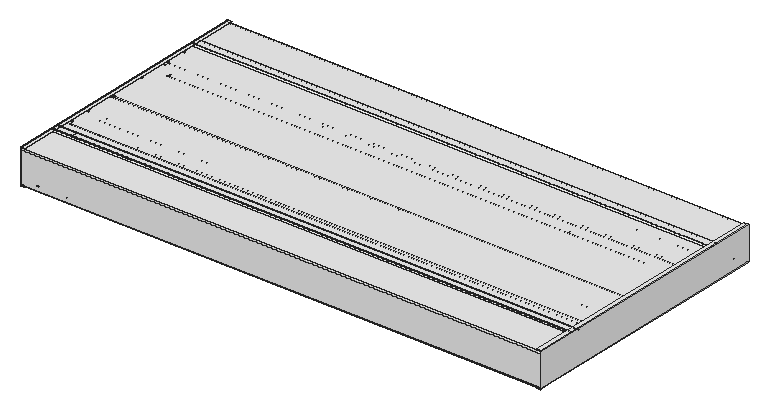
Revit family "LSTJ", category Lighting Fixtures, host Ceiling, Revit 2019
Family settings
  Host = Ceiling
  Round Connector Dimension = Use Diameter
  Part Type = Normal
  OmniClass Number = 23.80.70.11.14.17
  OmniClass Title = Direct/Indirect
  Always vertical = Yes
  Cut with Voids When Loaded = No
  Light Source = Yes
  Shared = No
  Room Calculation Point = No
Parameters (values of type "LSTJ2x4-LED840K040LUNV")
  Width = 1' - 11 3/4"
  Wattage = 35 W
  built-in parameter 1150110 = 1 (stored number, unit not read)
  Voltage = 120 V  # constant formula
  URL = "https://www.viscor.com/en/products/lstj"
  built-in parameter 1114217 = 0.9 (stored number, unit not read)
  Tilt Angle = 90.00°
  built-in parameter 1150109 = 1 (stored number, unit not read)
  built-in parameter 1150134 = 12
  built-in parameter 1150113 = 1 (stored number, unit not read)
  Photometric Web File = "LSTJ2x4-LED840K040LUNV.IES"
  Model = "LSTJ"  # constant formula
  Manufacturer = "VISIONEERING by VISCOR"  # constant formula
  Lumens = 4095 lm
  built-in parameter 1150115 = 1 (stored number, unit not read)
  built-in parameter 1150105 = 325.87 (stored number, unit not read)
  built-in parameter 1150137 = (empty or 0)
  built-in parameter 1150139 = (empty or 0)
  Lens Finish = Acrylic - Viscor - Smooth Extruded Linear Prismatic
  Length = 3' - 11 3/4"
  Lamp Wattage = 35 VA
  built-in parameter 1150112 = 1 (stored number, unit not read)
  built-in parameter 1150114 = 1 (stored number, unit not read)
  Lamp = "LED"  # constant formula
  built-in parameter 1150132 = (empty or 0)
  built-in parameter 1150102 = (empty or 0)
  built-in parameter 1150138 = (empty or 0)
  built-in parameter 1150107 = 4000 (stored number, unit not read)
  built-in parameter 1150106 = 3.2587 (stored number, unit not read)
  Housing Finish = Metal - Viscor - White
  Height = 0' - 3 1/8"
  Emit from Rectangle Width = Width  # 1' - 11 3/4"
  Emit from Rectangle Length = Length  # 3' - 11 3/4"
  Emit Shape Visible in Rendering = no
  built-in parameter 1150104 = 10.87 (stored number, unit not read)
  Dimming Lamp Color Temperature Shift = <None>
  Description = "LED Surfaced Type J"  # constant formula
  Color Filter = 16777215
  built-in parameter 1114218 = 1 (stored number, unit not read)
  built-in parameter 1150133 = 10 (stored number, unit not read)
  Assembly Code = "D5020200"
  Apparent Load = Lamp Wattage  # 35 VA
Types (5): name | Wattage | Photometric Web File | Lumens | built-in parameter 1150105 | Length | Lamp Wattage | built-in parameter 1150106 | Emit from Rectangle Length | built-in parameter 1150104 | Apparent Load
  (no name) | 35 W | "LSTJ2x4-LED840K040LUNV.IES" | 4095 lm | 325.87 (stored number, unit not read) | 3' - 11 3/4" | 35 VA | 3.2587 (stored number, unit not read) | 3' - 11 3/4" | 10.87 (stored number, unit not read) | 35 VA
  LSTJ2X2-LED840K020LUNV | 19 W | "LSTJ2x2-LED840K020LUNV.IES" | 2128 lm | 169.34 (stored number, unit not read) | 1' - 11 3/4" | 19 VA | 1.6934 (stored number, unit not read) | 1' - 11 3/4" | 10.405 (stored number, unit not read) | 19 VA
  LSTJ2x4-LED840K040LUNV | 35 W | "LSTJ2x4-LED840K040LUNV.IES" | 4095 lm | 325.87 (stored number, unit not read) | 3' - 11 3/4" | 35 VA | 3.2587 (stored number, unit not read) | 3' - 11 3/4" | 10.87 (stored number, unit not read) | 35 VA
  LSTJ2x2-LED840K033LUNV | 27 W | "LSTJ2x2-LED840K033LUNV.IES" | 3294 lm | 262.13 (stored number, unit not read) | 1' - 11 3/4" | 27 VA | 2.6213 (stored number, unit not read) | 1' - 11 3/4" | 11.334 (stored number, unit not read) | 27 VA
  LSTJ2x4-LED840K065LUNV | 50 W | "LSTJ2x4-LED840K065LUNV.IES" | 6450 lm | 513.27 (stored number, unit not read) | 3' - 11 3/4" | 50 VA | 5.1327 (stored number, unit not read) | 3' - 11 3/4" | 11.984 (stored number, unit not read) | 50 VA
Reference planes (in)
  plane 1 "Light Source Axis (F/B)": y = 0
  plane 2 "Ceiling": z = 96
  plane 3 "Light Source Axis (L/R)": x = 0
  plane 4 "Light Source Elevation": z = 92.75
  plane 5: y = 11.875
  plane 6: y = -11.875
  plane 7: x = -23.875
  plane 8: x = 23.875
  plane 9: y = 11.438
  plane 10: y = -11.438
  plane 11: x = -23.84375
  plane 12: x = 23.84375
  plane 13: x = -23.438
  plane 14: x = 23.43775
  plane 15 "DoorFrameBottom": z = 92.875
  plane 16: x = -23.59375
  plane 17: x = 23.59375
  plane 18: x = -22.88722
  plane 19: x = 22.88722
Forms (in)
  Extrusion 1, solid, material "Metal - Viscor - White" <- "Housing Finish"
    sketch origin (0, 0, 0) x (0, 1, 0) y (0, 0, 1)
      loop
        arc (11.806, 92.875) -> (11.85479, 92.89521) -> (11.875, 92.944) r 0.069
        line (11.875, 92.944) -> (11.875, 95.806)
        arc (11.875, 95.806) -> (11.85479, 95.85479) -> (11.806, 95.875) r 0.069
        line (11.806, 95.875) -> (8.44993, 95.875) -> (8.34426, 95.98067)
        arc (8.34426, 95.98067) -> (8.32285, 95.99498) -> (8.29759, 96) r 0.066
        line (8.29759, 96) -> (7.70241, 96)
        arc (7.70241, 96) -> (7.67715, 95.99498) -> (7.65574, 95.98067) r 0.066
        line (7.65574, 95.98067) -> (7.55007, 95.875) -> (-7.55007, 95.875) -> (-7.65574, 95.98067)
        arc (-7.65574, 95.98067) -> (-7.67715, 95.99498) -> (-7.70241, 96) r 0.066
        line (-7.70241, 96) -> (-8.29759, 96)
        arc (-8.29759, 96) -> (-8.32285, 95.99498) -> (-8.34426, 95.98067) r 0.066
        line (-8.34426, 95.98067) -> (-8.44993, 95.875) -> (-11.806, 95.875)
        arc (-11.806, 95.875) -> (-11.85479, 95.85479) -> (-11.875, 95.806) r 0.069
        line (-11.875, 95.806) -> (-11.875, 92.944)
        arc (-11.875, 92.944) -> (-11.85479, 92.89521) -> (-11.806, 92.875) r 0.069
        line (-11.806, 92.875) -> (-11.506, 92.875)
        arc (-11.506, 92.875) -> (-11.45721, 92.89521) -> (-11.437, 92.944) r 0.069
        line (-11.437, 92.944) -> (-11.437, 93.616)
        arc (-11.437, 93.616) -> (-11.42558, 93.64358) -> (-11.398, 93.655) r 0.039
        line (-11.398, 93.655) -> (-10.85101, 93.655) -> (-10.85101, 93.68625) -> (-11.398, 93.68625)
        arc (-11.398, 93.68625) -> (-11.44767, 93.66567) -> (-11.46825, 93.616) r 0.07025
        line (-11.46825, 93.616) -> (-11.46825, 92.944)
        arc (-11.46825, 92.944) -> (-11.47931, 92.91731) -> (-11.506, 92.90625) r 0.03775
        line (-11.506, 92.90625) -> (-11.806, 92.90625)
        arc (-11.806, 92.90625) -> (-11.83269, 92.91731) -> (-11.84375, 92.944) r 0.03775
        line (-11.84375, 92.944) -> (-11.84375, 95.806)
        arc (-11.84375, 95.806) -> (-11.83269, 95.83269) -> (-11.806, 95.84375) r 0.03775
        line (-11.806, 95.84375) -> (-8.43698, 95.84375) -> (-8.31198, 95.96875) -> (-7.68802, 95.96875) -> (-7.56302, 95.84375) -> (7.56302, 95.84375) -> (7.68802, 95.96875) -> (8.31198, 95.96875) -> (8.43698, 95.84375) -> (11.806, 95.84375)
        arc (11.806, 95.84375) -> (11.83269, 95.83269) -> (11.84375, 95.806) r 0.03775
        line (11.84375, 95.806) -> (11.84375, 92.944)
        arc (11.84375, 92.944) -> (11.83269, 92.91731) -> (11.806, 92.90625) r 0.03775
        line (11.806, 92.90625) -> (11.506, 92.90625)
        arc (11.506, 92.90625) -> (11.47931, 92.91731) -> (11.46825, 92.944) r 0.03775
        line (11.46825, 92.944) -> (11.46825, 93.616)
        arc (11.46825, 93.616) -> (11.44767, 93.66567) -> (11.398, 93.68625) r 0.07025
        line (11.398, 93.68625) -> (10.85101, 93.68625) -> (10.85101, 93.655) -> (11.398, 93.655)
        arc (11.398, 93.655) -> (11.42558, 93.64358) -> (11.437, 93.616) r 0.039
        line (11.437, 93.616) -> (11.437, 92.944)
        arc (11.437, 92.944) -> (11.45721, 92.89521) -> (11.506, 92.875) r 0.069
        line (11.506, 92.875) -> (11.806, 92.875)
    from -23.84375 to 23.84375
  Extrusion 2, solid, material "Metal - Viscor - White" <- "Housing Finish"
    sketch origin (0, 0, 0) x (1, 0, 0) y (0, 0, 1)
      loop
        arc (-23.84375, 95.9375) -> (-23.8346, 95.9596) -> (-23.8125, 95.96875) r 0.03125
        line (-23.8125, 95.96875) -> (-23.438, 95.96875) -> (-23.438, 96) -> (-23.8125, 96)
        arc (-23.8125, 96) -> (-23.85669, 95.98169) -> (-23.875, 95.9375) r 0.0625
        line (-23.875, 95.9375) -> (-23.875, 92.90625)
        arc (-23.875, 92.90625) -> (-23.85669, 92.86206) -> (-23.8125, 92.84375) r 0.0625
        line (-23.8125, 92.84375) -> (-23.438, 92.84375) -> (-23.438, 92.875) -> (-23.8125, 92.875)
        arc (-23.8125, 92.875) -> (-23.8346, 92.88415) -> (-23.84375, 92.90625) r 0.03125
        line (-23.84375, 92.90625) -> (-23.84375, 95.9375)
    from -11.875 to 11.875
  Extrusion 3, solid, material "Metal - Viscor - White" <- "Housing Finish"
    sketch origin (0, 0, 0) x (-1, 0, 0) y (0, 0, -1)
      loop
        line (-23.84375, -95.9375) -> (-23.84375, -92.90625)
        arc (-23.84375, -92.90625) -> (-23.8346, -92.88415) -> (-23.8125, -92.875) r 0.03125
        line (-23.8125, -92.875) -> (-23.438, -92.875) -> (-23.438, -92.84375) -> (-23.8125, -92.84375)
        arc (-23.8125, -92.84375) -> (-23.85669, -92.86206) -> (-23.875, -92.90625) r 0.0625
        line (-23.875, -92.90625) -> (-23.875, -95.9375)
        arc (-23.875, -95.9375) -> (-23.85669, -95.98169) -> (-23.8125, -96) r 0.0625
        line (-23.8125, -96) -> (-23.438, -96) -> (-23.438, -95.96875) -> (-23.8125, -95.96875)
        arc (-23.8125, -95.96875) -> (-23.8346, -95.9596) -> (-23.84375, -95.9375) r 0.03125
    from -11.875 to 11.875
  Extrusion 4, solid, material "Metal - Viscor - White" <- "Housing Finish"
    sketch origin (0, 0, 92.875) x (0, 1, 0) y (-1, 0, 0)
      loop
        line (-11.38722, 23.38722) -> (-11.38722, -23.38722) -> (11.38722, -23.38722) -> (11.38722, 23.38722) -> (-11.38722, 23.38722)
      loop
        line (-10.88722, 22.88722) -> (-10.88722, -22.88722) -> (10.88722, -22.88722) -> (10.88722, 22.88722) -> (-10.88722, 22.88722)
    from 0 to 0.5
  Extrusion 5, solid, material "Metal - Viscor - White" <- "Housing Finish"
    sketch origin (0, 0, 0) x (0, 1, 0) y (0, 0, 1)
      loop
        arc (1.65995, 95.84425) -> (1.62398, 95.83227) -> (1.60237, 95.80111) r 0.06
        line (1.60237, 95.80111) -> (1.18671, 94.38159) -> (0.82699, 94.13024) -> (-0.82699, 94.13024) -> (-1.18671, 94.38159) -> (-1.60237, 95.80111)
        arc (-1.60237, 95.80111) -> (-1.62398, 95.83227) -> (-1.65995, 95.84425) r 0.06
        line (-1.65995, 95.84425) -> (-1.906, 95.84425) -> (-1.906, 95.813) -> (-1.65995, 95.813)
        arc (-1.65995, 95.813) -> (-1.64271, 95.80726) -> (-1.63236, 95.79233) r 0.02875
        line (-1.63236, 95.79233) -> (-1.21361, 94.36227) -> (-0.83683, 94.09899) -> (0.83683, 94.09899) -> (1.21361, 94.36227) -> (1.63236, 95.79233)
        arc (1.63236, 95.79233) -> (1.64271, 95.80726) -> (1.65995, 95.813) r 0.02875
        line (1.65995, 95.813) -> (1.906, 95.813) -> (1.906, 95.84425) -> (1.65995, 95.84425)
    from -23.59375 to 23.59375
  Extrusion 6, solid, material "Metal - Viscor - White" <- "Housing Finish"
    sketch origin (0, 0, 0) x (0, 1, 0) y (0, 0, 1)
      loop
        line (6.837, 95.84425) -> (6.444, 95.84425)
        arc (6.444, 95.84425) -> (6.39521, 95.82404) -> (6.375, 95.77525) r 0.069
        line (6.375, 95.77525) -> (6.375, 95.25825)
        arc (6.375, 95.25825) -> (6.36358, 95.23067) -> (6.336, 95.21925) r 0.039
        line (6.336, 95.21925) -> (4.664, 95.21925)
        arc (4.664, 95.21925) -> (4.63642, 95.23067) -> (4.625, 95.25825) r 0.039
        line (4.625, 95.25825) -> (4.625, 95.77525)
        arc (4.625, 95.77525) -> (4.60479, 95.82404) -> (4.556, 95.84425) r 0.069
        line (4.556, 95.84425) -> (4.163, 95.84425) -> (4.163, 95.813) -> (4.556, 95.813)
        arc (4.556, 95.813) -> (4.58269, 95.80194) -> (4.59375, 95.77525) r 0.03775
        line (4.59375, 95.77525) -> (4.59375, 95.25825)
        arc (4.59375, 95.25825) -> (4.61433, 95.20858) -> (4.664, 95.188) r 0.07025
        line (4.664, 95.188) -> (6.336, 95.188)
        arc (6.336, 95.188) -> (6.38567, 95.20858) -> (6.40625, 95.25825) r 0.07025
        line (6.40625, 95.25825) -> (6.40625, 95.77525)
        arc (6.40625, 95.77525) -> (6.41731, 95.80194) -> (6.444, 95.813) r 0.03775
        line (6.444, 95.813) -> (6.837, 95.813) -> (6.837, 95.84425)
    from -23.59375 to 23.59375
  Extrusion 7, solid, material "Metal - Viscor - White" <- "Housing Finish"
    sketch origin (0, 0, 0) x (0, -1, 0) y (0, 0, -1)
      loop
        line (6.837, -95.84425) -> (6.837, -95.813) -> (6.444, -95.813)
        arc (6.444, -95.813) -> (6.41731, -95.80194) -> (6.40625, -95.77525) r 0.03775
        line (6.40625, -95.77525) -> (6.40625, -95.25825)
        arc (6.40625, -95.25825) -> (6.38567, -95.20858) -> (6.336, -95.188) r 0.07025
        line (6.336, -95.188) -> (4.664, -95.188)
        arc (4.664, -95.188) -> (4.61433, -95.20858) -> (4.59375, -95.25825) r 0.07025
        line (4.59375, -95.25825) -> (4.59375, -95.77525)
        arc (4.59375, -95.77525) -> (4.58269, -95.80194) -> (4.556, -95.813) r 0.03775
        line (4.556, -95.813) -> (4.163, -95.813) -> (4.163, -95.84425) -> (4.556, -95.84425)
        arc (4.556, -95.84425) -> (4.60479, -95.82404) -> (4.625, -95.77525) r 0.069
        line (4.625, -95.77525) -> (4.625, -95.25825)
        arc (4.625, -95.25825) -> (4.63642, -95.23067) -> (4.664, -95.21925) r 0.039
        line (4.664, -95.21925) -> (6.336, -95.21925)
        arc (6.336, -95.21925) -> (6.36358, -95.23067) -> (6.375, -95.25825) r 0.039
        line (6.375, -95.25825) -> (6.375, -95.77525)
        arc (6.375, -95.77525) -> (6.39521, -95.82404) -> (6.444, -95.84425) r 0.069
        line (6.444, -95.84425) -> (6.837, -95.84425)
    from -23.59375 to 23.59375
  Extrusion 8, solid, material "Metal - Viscor - White" <- "Housing Finish"
    sketch origin (0, 0, 0) x (0, 1, 0) y (0, 0, 1)
      loop
        line (8.03837, 95.398) -> (6.67044, 95.398) -> (6.67044, 94.773) -> (4.29544, 94.773) -> (4.29544, 95.398) -> (1.91845, 95.398) -> (1.49033, 94.47991) -> (0.81294, 94.023) -> (-0.81206, 94.023) -> (-1.48946, 94.47991) -> (-1.91757, 95.398) -> (-4.29456, 95.398) -> (-4.29456, 94.773) -> (-6.66956, 94.773) -> (-6.66956, 95.398) -> (-8.03749, 95.398) -> (-11.00556, 93.398) -> (-11.00556, 92.898) -> (11.00644, 92.898) -> (11.00644, 93.398) -> (8.03837, 95.398)
    from 22.88722 to 23.43775
  Extrusion 9, solid, material "Metal - Viscor - White" <- "Housing Finish"
    sketch origin (0, 0, 0) x (0, 1, 0) y (0, 0, -1)
      loop
        line (8.03837, -95.398) -> (11.00644, -93.398) -> (11.00644, -92.898) -> (-11.00556, -92.898) -> (-11.00556, -93.398) -> (-8.03749, -95.398) -> (-6.66956, -95.398) -> (-6.66956, -94.773) -> (-4.29456, -94.773) -> (-4.29456, -95.398) -> (-1.91757, -95.398) -> (-1.48946, -94.47991) -> (-0.81206, -94.023) -> (0.81294, -94.023) -> (1.49033, -94.47991) -> (1.91845, -95.398) -> (4.29544, -95.398) -> (4.29544, -94.773) -> (6.67044, -94.773) -> (6.67044, -95.398) -> (8.03837, -95.398)
    from 22.88722 to 23.438
  Extrusion 10, solid, material "Metal - Viscor - White" <- "Housing Finish"
    sketch origin (0, 0, 0) x (0, 1, 0) y (0, 0, 1)
      loop
        line (11.09144, 93.563) -> (11.09144, 93.53175) -> (11.27944, 93.53175)
        arc (11.27944, 93.53175) -> (11.30118, 93.52274) -> (11.31019, 93.501) r 0.03075
        line (11.31019, 93.501) -> (11.31019, 92.937)
        arc (11.31019, 92.937) -> (11.30118, 92.91526) -> (11.27944, 92.90625) r 0.03075
        line (11.27944, 92.90625) -> (10.8577, 92.90625) -> (10.68808, 93.1485)
        arc (10.68808, 93.1485) -> (9.25294, 94.46674) -> (7.39657, 95.05943) r 4.52625
        line (7.39657, 95.05943) -> (7.27285, 95.07085) -> (7.00348, 95.09572)
        arc (7.00348, 95.09572) -> (6.97625, 95.11983) -> (6.99106, 95.15305) r 0.03075
        line (6.99106, 95.15305) -> (7.28648, 95.32172)
        arc (7.28648, 95.32172) -> (7.31942, 95.36422) -> (7.31265, 95.41756) r 0.07025
        line (7.31265, 95.41756) -> (7.14606, 95.70935) -> (7.11892, 95.69385) -> (7.28552, 95.40206)
        arc (7.28552, 95.40206) -> (7.28927, 95.37245) -> (7.27099, 95.34886) r 0.039
        line (7.27099, 95.34886) -> (6.97556, 95.18018)
        arc (6.97556, 95.18018) -> (6.94571, 95.11322) -> (7.0006, 95.06461) r 0.062
        line (7.0006, 95.06461) -> (7.26997, 95.03973) -> (7.3937, 95.02831)
        arc (7.3937, 95.02831) -> (9.23725, 94.43972) -> (10.66248, 93.13058) r 4.495
        line (10.66248, 93.13058) -> (10.82292, 92.90144)
        arc (10.82292, 92.90144) -> (10.84508, 92.88201) -> (10.87371, 92.875) r 0.062
        line (10.87371, 92.875) -> (11.27944, 92.875)
        arc (11.27944, 92.875) -> (11.32328, 92.89316) -> (11.34144, 92.937) r 0.062
        line (11.34144, 92.937) -> (11.34144, 93.501)
        arc (11.34144, 93.501) -> (11.32328, 93.54484) -> (11.27944, 93.563) r 0.062
        line (11.27944, 93.563) -> (11.09144, 93.563)
    from -22.88722 to 22.88722
  Extrusion 11, solid, material "Metal - Viscor - White" <- "Housing Finish"
    sketch origin (0, 0, 0) x (0, -1, 0) y (0, 0, -1)
      loop
        line (11.09144, -93.563) -> (11.27944, -93.563)
        arc (11.27944, -93.563) -> (11.32328, -93.54484) -> (11.34144, -93.501) r 0.062
        line (11.34144, -93.501) -> (11.34144, -92.937)
        arc (11.34144, -92.937) -> (11.32328, -92.89316) -> (11.27944, -92.875) r 0.062
        line (11.27944, -92.875) -> (10.87371, -92.875)
        arc (10.87371, -92.875) -> (10.84508, -92.88201) -> (10.82292, -92.90144) r 0.062
        line (10.82292, -92.90144) -> (10.66248, -93.13058)
        arc (10.66248, -93.13058) -> (9.23725, -94.43972) -> (7.3937, -95.02831) r 4.495
        line (7.3937, -95.02831) -> (7.26997, -95.03973) -> (7.0006, -95.06461)
        arc (7.0006, -95.06461) -> (6.94571, -95.11322) -> (6.97556, -95.18018) r 0.062
        line (6.97556, -95.18018) -> (7.27099, -95.34886)
        arc (7.27099, -95.34886) -> (7.28927, -95.37245) -> (7.28552, -95.40206) r 0.039
        line (7.28552, -95.40206) -> (7.11892, -95.69385) -> (7.14606, -95.70935) -> (7.31265, -95.41756)
        arc (7.31265, -95.41756) -> (7.31942, -95.36422) -> (7.28648, -95.32172) r 0.07025
        line (7.28648, -95.32172) -> (6.99106, -95.15305)
        arc (6.99106, -95.15305) -> (6.97625, -95.11983) -> (7.00348, -95.09572) r 0.03075
        line (7.00348, -95.09572) -> (7.27285, -95.07085) -> (7.39657, -95.05943)
        arc (7.39657, -95.05943) -> (9.25294, -94.46674) -> (10.68808, -93.1485) r 4.52625
        line (10.68808, -93.1485) -> (10.8577, -92.90625) -> (11.27944, -92.90625)
        arc (11.27944, -92.90625) -> (11.30118, -92.91526) -> (11.31019, -92.937) r 0.03075
        line (11.31019, -92.937) -> (11.31019, -93.501)
        arc (11.31019, -93.501) -> (11.30118, -93.52274) -> (11.27944, -93.53175) r 0.03075
        line (11.27944, -93.53175) -> (11.09144, -93.53175) -> (11.09144, -93.563)
    from -22.88722 to 22.88722
  Extrusion 12, solid, material "Metal - Viscor - White" <- "Housing Finish"
    sketch origin (0, 0, 0) x (0, 1, 0) y (0, 0, 1)
      loop
        line (0.04639, 93.14939) -> (0.1303, 93.24204)
        arc (0.1303, 93.24204) -> (1.69796, 94.4507) -> (3.58866, 95.03693) r 5.58757
        line (3.58866, 95.03693) -> (3.94894, 95.08132)
        arc (3.94894, 95.08132) -> (4.00232, 95.13158) -> (3.97044, 95.1976) r 0.062
        line (3.97044, 95.1976) -> (3.65163, 95.36695)
        arc (3.65163, 95.36695) -> (3.63263, 95.38998) -> (3.63548, 95.41969) r 0.039
        line (3.63548, 95.41969) -> (3.7931, 95.71643) -> (3.7655, 95.73109) -> (3.60788, 95.43435)
        arc (3.60788, 95.43435) -> (3.60275, 95.38083) -> (3.63697, 95.33935) r 0.07025
        line (3.63697, 95.33935) -> (3.95578, 95.17001)
        arc (3.95578, 95.17001) -> (3.9716, 95.13726) -> (3.94512, 95.11233) r 0.03075
        line (3.94512, 95.11233) -> (3.58484, 95.06794)
        arc (3.58484, 95.06794) -> (1.68356, 94.47844) -> (0.10714, 93.26302) r 5.61882
        line (0.10714, 93.26302) -> (0.02323, 93.17037)
        arc (0.02323, 93.17037) -> (0.00044, 93.16026) -> (-0.02236, 93.17037) r 0.03075
        line (-0.02236, 93.17037) -> (-0.10626, 93.26302)
        arc (-0.10626, 93.26302) -> (-1.68269, 94.47844) -> (-3.58397, 95.06794) r 5.61882
        line (-3.58397, 95.06794) -> (-3.94425, 95.11233)
        arc (-3.94425, 95.11233) -> (-3.97072, 95.13726) -> (-3.95491, 95.17001) r 0.03075
        line (-3.95491, 95.17001) -> (-3.6361, 95.33935)
        arc (-3.6361, 95.33935) -> (-3.60188, 95.38083) -> (-3.60701, 95.43435) r 0.07025
        line (-3.60701, 95.43435) -> (-3.76463, 95.73109) -> (-3.79223, 95.71643) -> (-3.63461, 95.41969)
        arc (-3.63461, 95.41969) -> (-3.63176, 95.38998) -> (-3.65076, 95.36695) r 0.039
        line (-3.65076, 95.36695) -> (-3.96957, 95.1976)
        arc (-3.96957, 95.1976) -> (-4.00145, 95.13158) -> (-3.94807, 95.08132) r 0.062
        line (-3.94807, 95.08132) -> (-3.58779, 95.03693)
        arc (-3.58779, 95.03693) -> (-1.69709, 94.4507) -> (-0.12943, 93.24204) r 5.58757
        line (-0.12943, 93.24204) -> (-0.04552, 93.14939)
        arc (-0.04552, 93.14939) -> (0.00044, 93.12901) -> (0.04639, 93.14939) r 0.062
    from -22.88722 to 22.88722
  Extrusion 13, solid, material "Acrylic - Viscor - Smooth Extruded Linear Prismatic" <- "Lens Finish"
    sketch origin (0, 0, 0) x (0, 1, 0) y (0, 0, 1)
      loop
        line (7.06614, 95.32381) -> (7.21431, 95.31734)
        arc (7.21431, 95.31734) -> (7.23354, 95.32938) -> (7.22914, 95.35164) r 0.02
        arc (7.22914, 95.35164) -> (7.20535, 95.36759) -> (7.17744, 95.374) r 0.079
        line (7.17744, 95.374) -> (7.06854, 95.37876)
        arc (7.06854, 95.37876) -> (6.9772, 95.35379) -> (6.91743, 95.28036) r 0.155
        line (6.91743, 95.28036) -> (6.88569, 95.19921)
        arc (6.88569, 95.19921) -> (6.8977, 95.06358) -> (7.01304, 94.99123) r 0.153
        line (7.01304, 94.99123) -> (7.44391, 94.94838)
        arc (7.44391, 94.94838) -> (7.47727, 94.93695) -> (7.50204, 94.91186) r 0.07705
        line (7.50204, 94.91186) -> (7.63895, 94.68763)
        arc (7.63895, 94.68763) -> (5.47185, 93.50676) -> (3.30322, 94.68483) r 2.582
        line (3.30322, 94.68483) -> (3.44088, 94.9103)
        arc (3.44088, 94.9103) -> (3.46503, 94.93464) -> (3.49645, 94.94838) r 0.09139
        line (3.49645, 94.94838) -> (3.92732, 94.99123)
        arc (3.92732, 94.99123) -> (4.04266, 95.06358) -> (4.05467, 95.19921) r 0.153
        line (4.05467, 95.19921) -> (4.02293, 95.28036)
        arc (4.02293, 95.28036) -> (3.96316, 95.35379) -> (3.87182, 95.37876) r 0.155
        line (3.87182, 95.37876) -> (3.76292, 95.374)
        arc (3.76292, 95.374) -> (3.73501, 95.36759) -> (3.71122, 95.35164) r 0.079
        arc (3.71122, 95.35164) -> (3.70682, 95.32938) -> (3.72605, 95.31734) r 0.02
        line (3.72605, 95.31734) -> (3.87422, 95.32381)
        arc (3.87422, 95.32381) -> (3.93315, 95.3077) -> (3.97171, 95.26033) r 0.1
        line (3.97171, 95.26033) -> (4.00345, 95.17917)
        arc (4.00345, 95.17917) -> (3.99576, 95.0923) -> (3.92188, 95.04596) r 0.098
        line (3.92188, 95.04596) -> (3.49101, 95.00311)
        arc (3.49101, 95.00311) -> (3.43384, 94.98352) -> (3.39138, 94.94052) r 0.13205
        line (3.39138, 94.94052) -> (3.26266, 94.72971)
        arc (3.26266, 94.72971) -> (3.25019, 94.68389) -> (3.26419, 94.63852) r 0.08519
        arc (3.26419, 94.63852) -> (5.47018, 93.44876) -> (7.67618, 94.63852) r 2.64
        arc (7.67618, 94.63852) -> (7.69017, 94.68389) -> (7.6777, 94.72971) r 0.08519
        line (7.6777, 94.72971) -> (7.54899, 94.94052)
        arc (7.54899, 94.94052) -> (7.50653, 94.98352) -> (7.44936, 95.00311) r 0.13205
        line (7.44936, 95.00311) -> (7.01848, 95.04596)
        arc (7.01848, 95.04596) -> (6.9446, 95.0923) -> (6.93691, 95.17917) r 0.098
        line (6.93691, 95.17917) -> (6.96865, 95.26033)
        arc (6.96865, 95.26033) -> (7.00722, 95.3077) -> (7.06614, 95.32381) r 0.1
    from -22.88722 to 22.88722
  Extrusion 14, solid, material "Acrylic - Viscor - Smooth Extruded Linear Prismatic" <- "Lens Finish"
    sketch origin (0, 0, 0) x (0, -1, 0) y (0, 0, -1)
      loop
        arc (7.06614, -95.32381) -> (7.00722, -95.3077) -> (6.96865, -95.26033) r 0.1
        line (6.96865, -95.26033) -> (6.93691, -95.17917)
        arc (6.93691, -95.17917) -> (6.9446, -95.0923) -> (7.01848, -95.04596) r 0.098
        line (7.01848, -95.04596) -> (7.44936, -95.00311)
        arc (7.44936, -95.00311) -> (7.50653, -94.98352) -> (7.54899, -94.94052) r 0.13205
        line (7.54899, -94.94052) -> (7.6777, -94.72971)
        arc (7.6777, -94.72971) -> (7.69017, -94.68389) -> (7.67618, -94.63852) r 0.08519
        arc (7.67618, -94.63852) -> (5.47018, -93.44876) -> (3.26419, -94.63852) r 2.64
        arc (3.26419, -94.63852) -> (3.25019, -94.68389) -> (3.26266, -94.72971) r 0.08519
        line (3.26266, -94.72971) -> (3.39138, -94.94052)
        arc (3.39138, -94.94052) -> (3.43384, -94.98352) -> (3.49101, -95.00311) r 0.13205
        line (3.49101, -95.00311) -> (3.92188, -95.04596)
        arc (3.92188, -95.04596) -> (3.99576, -95.0923) -> (4.00345, -95.17917) r 0.098
        line (4.00345, -95.17917) -> (3.97171, -95.26033)
        arc (3.97171, -95.26033) -> (3.93315, -95.3077) -> (3.87422, -95.32381) r 0.1
        line (3.87422, -95.32381) -> (3.72605, -95.31734)
        arc (3.72605, -95.31734) -> (3.70682, -95.32938) -> (3.71122, -95.35164) r 0.02
        arc (3.71122, -95.35164) -> (3.73501, -95.36759) -> (3.76292, -95.374) r 0.079
        line (3.76292, -95.374) -> (3.87182, -95.37876)
        arc (3.87182, -95.37876) -> (3.96316, -95.35379) -> (4.02293, -95.28036) r 0.155
        line (4.02293, -95.28036) -> (4.05467, -95.19921)
        arc (4.05467, -95.19921) -> (4.04266, -95.06358) -> (3.92732, -94.99123) r 0.153
        line (3.92732, -94.99123) -> (3.49645, -94.94838)
        arc (3.49645, -94.94838) -> (3.46503, -94.93464) -> (3.44088, -94.9103) r 0.09139
        line (3.44088, -94.9103) -> (3.30322, -94.68483)
        arc (3.30322, -94.68483) -> (5.47185, -93.50676) -> (7.63895, -94.68763) r 2.582
        line (7.63895, -94.68763) -> (7.50204, -94.91186)
        arc (7.50204, -94.91186) -> (7.47727, -94.93695) -> (7.44391, -94.94838) r 0.07705
        line (7.44391, -94.94838) -> (7.01304, -94.99123)
        arc (7.01304, -94.99123) -> (6.8977, -95.06358) -> (6.88569, -95.19921) r 0.153
        line (6.88569, -95.19921) -> (6.91743, -95.28036)
        arc (6.91743, -95.28036) -> (6.9772, -95.35379) -> (7.06854, -95.37876) r 0.155
        line (7.06854, -95.37876) -> (7.17744, -95.374)
        arc (7.17744, -95.374) -> (7.20535, -95.36759) -> (7.22914, -95.35164) r 0.079
        arc (7.22914, -95.35164) -> (7.23354, -95.32938) -> (7.21431, -95.31734) r 0.02
        line (7.21431, -95.31734) -> (7.06614, -95.32381)
    from -22.88722 to 22.88722
Dimensions and locks (in)
  equal spacing: host sketch curve, plane 3 "Light Source Axis (L/R)", host sketch curve
  equal spacing: host sketch curve, plane 1 "Light Source Axis (F/B)", host sketch curve
  host sketch curve to host sketch curve = 10' - 0"  (x2)
  equal spacing: plane 7, plane 3 "Light Source Axis (L/R)", plane 8
  equal spacing: plane 5, plane 1 "Light Source Axis (F/B)", plane 6
  plane 9 to plane 5 = 0' - 0.437"
  locked: plane 12 to plane 8 at 0.03125
  locked: plane 13 to plane 7 at 0.437
  locked: plane 14 to plane 12 at 0.406
  "Length": plane 7 to plane 8
  "Width": plane 5 to plane 6
  plane 7 to plane 11 to plane 13 = 0' - 0 1/32", 0' - 0.40575"
  plane 6 to plane 10 to plane 1 "Light Source Axis (F/B)" = 0' - 0.437" locked, 0' - 11.438"
  "Height": plane 2 "Ceiling" to plane 15 "DoorFrameBottom"
  locked: plane 7 to plane 16 at 0.28125
  locked: plane 17 to plane 8 at 0.28125
  locked: plane 13 to plane 18 at 0.55078
  locked: plane 19 to plane 14 at 0.55053
  aligned and locked: plane 3 "Light Source Axis (L/R)" to imposter light
  aligned and locked: plane 1 "Light Source Axis (F/B)" to imposter light
  aligned and locked: plane 4 "Light Source Elevation" to imposter light
  aligned and locked: Extrusion 1 to plane 11
  aligned and locked: plane 12 to Extrusion 1
  aligned and locked: Extrusion 2 to plane 6
  aligned and locked: plane 5 to Extrusion 2
  aligned and locked: Extrusion 3 to plane 6
  aligned and locked: plane 5 to Extrusion 3
  aligned and locked: Extrusion 5 to plane 16
  aligned and locked: plane 17 to Extrusion 5
  aligned and locked: Extrusion 6 to plane 16
  aligned and locked: plane 17 to Extrusion 6
  aligned and locked: Extrusion 7 to plane 16
  aligned and locked: plane 17 to Extrusion 7
  aligned and locked: plane 19 to Extrusion 8
  aligned and locked: Extrusion 9 to plane 18
  aligned and locked: Extrusion 9 to plane 13
  aligned and locked: plane 14 to Extrusion 8
  aligned and locked: plane 18 to Extrusion 10
  aligned and locked: Extrusion 10 to plane 19
  aligned and locked: plane 18 to Extrusion 11
  aligned and locked: Extrusion 11 to plane 19
  aligned and locked: plane 18 to Extrusion 12
  aligned and locked: Extrusion 12 to plane 19
  aligned and locked: plane 18 to Extrusion 13
  aligned and locked: Extrusion 13 to plane 19
  aligned and locked: plane 18 to Extrusion 14
  aligned and locked: Extrusion 14 to plane 19
Automatic sketch dimensions
  Extrusion 1 sketch curve to Extrusion 1 sketch curve = 0' - 0"  (x16)
  Extrusion 1 sketch curve to plane 6 = 0' - 0"
  Extrusion 1 sketch curve to plane 15 "DoorFrameBottom" = 0' - 0"  (x2)
  Extrusion 1 sketch curve to plane 2 "Ceiling" = 0' - 0"  (x2)
  Extrusion 1 sketch curve to plane 5 = 0' - 0"
  Extrusion 1 sketch curve to Extrusion 1 sketch curve = 0' - 0 1/32"
  plane 6 to Extrusion 1 sketch curve = 0' - 0.069"
  Extrusion 1 sketch curve to Extrusion 1 sketch curve = 0' - 0.03775"  (x3)
  Extrusion 1 sketch curve to plane 10 = 0' - 0.068"
  Extrusion 1 sketch curve to plane 10 = 0' - 0.03025"
  Extrusion 1 sketch curve to Extrusion 1 sketch curve = 0' - 0.039"
  Extrusion 1 sketch curve to Extrusion 1 sketch curve = 0' - 0.54699"
  Extrusion 1 sketch curve to plane 2 "Ceiling" = 0' - 0 1/8"  (x3)
  plane 10 to Extrusion 1 sketch curve = 0' - 2.98807"
  Extrusion 1 sketch curve to Extrusion 1 sketch curve = 0' - 0.01294"  (x4)
  Extrusion 1 sketch curve to plane 2 "Ceiling" = 0' - 0.01933"  (x4)
  Extrusion 1 sketch curve to Extrusion 1 sketch curve = 0' - 0.10567"  (x2)
  Extrusion 1 sketch curve to plane 2 "Ceiling" = 0' - 0 1/32"  (x2)
  Extrusion 1 sketch curve to Extrusion 1 sketch curve = 0' - 0.03228"  (x2)
  Extrusion 1 sketch curve to Extrusion 1 sketch curve = 0' - 0.01439"  (x4)
  Extrusion 1 sketch curve to plane 2 "Ceiling" = 0' - 0.066"  (x2)
  Extrusion 1 sketch curve to Extrusion 1 sketch curve = 0' - 0.59518"  (x2)
  Extrusion 1 sketch curve to plane 2 "Ceiling" = 0' - 0 5/32"  (x2)
  Extrusion 1 sketch curve to Extrusion 1 sketch curve = 0' - 0.09272"  (x2)
  Extrusion 1 sketch curve to plane 9 = 0' - 3.88793"
  Extrusion 1 sketch curve to plane 9 = 0' - 0.58699"
  Extrusion 1 sketch curve to plane 9 = 0' - 0.04"
  Extrusion 1 sketch curve to plane 9 = 0' - 0.001"
  Extrusion 1 sketch curve to plane 5 = 0' - 0.069"
  Extrusion 1 sketch curve to Extrusion 1 sketch curve = 0' - 0.672"  (x2)
  Extrusion 2 sketch curve to Extrusion 2 sketch curve = 0' - 0"  (x4)
  Extrusion 2 sketch curve to plane 7 = 0' - 0"
  Extrusion 2 sketch curve to plane 11 = 0' - 0"
  Extrusion 2 sketch curve to plane 15 "DoorFrameBottom" = 0' - 0"
  Extrusion 2 sketch curve to plane 2 "Ceiling" = 0' - 0"
  Extrusion 2 sketch curve to plane 13 = 0' - 0"  (x2)
  Extrusion 2 sketch curve to Extrusion 2 sketch curve = 0' - 0 1/32"
  plane 11 to Extrusion 2 sketch curve = 0' - 0 1/32"
  Extrusion 3 sketch curve to Extrusion 3 sketch curve = 0' - 0"  (x4)
  Extrusion 3 sketch curve to plane 8 = 0' - 0"
  Extrusion 3 sketch curve to plane 12 = 0' - 0"
  Extrusion 3 sketch curve to plane 15 "DoorFrameBottom" = 0' - 0"
  Extrusion 3 sketch curve to plane 2 "Ceiling" = 0' - 0"
  Extrusion 3 sketch curve to Extrusion 3 sketch curve = 0' - 0 1/32"
  plane 12 to Extrusion 3 sketch curve = 0' - 0 1/32"
  Extrusion 3 sketch curve to plane 14 = 0' - 0.00025"  (x2)
  Extrusion 4 sketch curve to plane 19 = 0' - 0"
  Extrusion 4 sketch curve to plane 18 = 0' - 0"
  plane 10 to Extrusion 4 sketch curve = 0' - 0 13/256"
  plane 10 to Extrusion 4 sketch curve = 0' - 0 141/256"
  Extrusion 4 sketch curve to plane 9 = 0' - 0 141/256"
  Extrusion 4 sketch curve to plane 9 = 0' - 0 13/256"
  Extrusion 4 sketch curve to plane 14 = 0' - 0.05053"
  plane 13 to Extrusion 4 sketch curve = 0' - 0 13/256"
  Extrusion 5 sketch curve to Extrusion 5 sketch curve = 0' - 0"  (x4)
  Extrusion 5 sketch curve to plane 2 "Ceiling" = 0' - 0.187"
  plane 1 "Light Source Axis (F/B)" to Extrusion 5 sketch curve = 0' - 1.906"
  Extrusion 5 sketch curve to Extrusion 5 sketch curve = 0' - 0.24605"  (x2)
  Extrusion 5 sketch curve to plane 2 "Ceiling" = 0' - 0.20767"  (x2)
  Extrusion 5 sketch curve to Extrusion 5 sketch curve = 0' - 0.02759"  (x2)
  Extrusion 5 sketch curve to plane 2 "Ceiling" = 0' - 0.19889"  (x2)
  Extrusion 5 sketch curve to Extrusion 5 sketch curve = 0' - 0.02999"  (x2)
  plane 1 "Light Source Axis (F/B)" to Extrusion 5 sketch curve = 0' - 1.21361"
  Extrusion 5 sketch curve to Extrusion 5 sketch curve = 0' - 0.0269"  (x2)
  Extrusion 5 sketch curve to Extrusion 5 sketch curve = 0' - 0.34988"
  Extrusion 5 sketch curve to Extrusion 5 sketch curve = 0' - 0.00984"  (x2)
  Extrusion 5 sketch curve to plane 1 "Light Source Axis (F/B)" = 0' - 0.82699"
  Extrusion 5 sketch curve to Extrusion 5 sketch curve = 0' - 0.35972"
  Extrusion 5 sketch curve to Extrusion 5 sketch curve = 0' - 0.41566"
  Extrusion 5 sketch curve to Extrusion 5 sketch curve = 0' - 0.00808"
  Extrusion 5 sketch curve to Extrusion 5 sketch curve = 0' - 1.41952"  (x2)
  Extrusion 5 sketch curve to Extrusion 5 sketch curve = 0' - 0.01932"  (x2)
  Extrusion 5 sketch curve to Extrusion 5 sketch curve = 0' - 0.25136"
  Extrusion 5 sketch curve to Extrusion 5 sketch curve = 0' - 0 1/32"
  Extrusion 6 sketch curve to Extrusion 6 sketch curve = 0' - 0"  (x8)
  Extrusion 6 sketch curve to plane 2 "Ceiling" = 0' - 0.15575"
  Extrusion 6 sketch curve to plane 1 "Light Source Axis (F/B)" = 0' - 4.163"
  Extrusion 6 sketch curve to Extrusion 6 sketch curve = 0' - 0.393"  (x2)
  Extrusion 6 sketch curve to Extrusion 6 sketch curve = 0' - 0.03775"  (x2)
  Extrusion 6 sketch curve to Extrusion 6 sketch curve = 0' - 0 1/32"
  Extrusion 6 sketch curve to Extrusion 6 sketch curve = 0' - 0.039"  (x2)
  Extrusion 6 sketch curve to plane 2 "Ceiling" = 0' - 0.78075"
  Extrusion 6 sketch curve to Extrusion 6 sketch curve = 0' - 1.672"
  Extrusion 6 sketch curve to plane 2 "Ceiling" = 0' - 0.187"
  Extrusion 7 sketch curve to Extrusion 7 sketch curve = 0' - 0"  (x8)
  plane 2 "Ceiling" to Extrusion 7 sketch curve = 0' - 0.15575"
  Extrusion 7 sketch curve to plane 1 "Light Source Axis (F/B)" = 0' - 4.163"
  Extrusion 7 sketch curve to Extrusion 7 sketch curve = 0' - 0.393"  (x2)
  Extrusion 7 sketch curve to Extrusion 7 sketch curve = 0' - 0.03775"  (x2)
  Extrusion 7 sketch curve to Extrusion 7 sketch curve = 0' - 0 1/32"
  Extrusion 7 sketch curve to Extrusion 7 sketch curve = 0' - 0.039"  (x2)
  plane 2 "Ceiling" to Extrusion 7 sketch curve = 0' - 0.78075"
  Extrusion 7 sketch curve to Extrusion 7 sketch curve = 0' - 1.672"
  plane 2 "Ceiling" to Extrusion 7 sketch curve = 0' - 0.187"
  plane 10 to Extrusion 8 sketch curve = 0' - 0.43244"
  Extrusion 8 sketch curve to plane 2 "Ceiling" = 0' - 0.602"  (x4)
  plane 10 to Extrusion 8 sketch curve = 0' - 3.40051"
  Extrusion 8 sketch curve to Extrusion 8 sketch curve = 0' - 1.36793"  (x2)
  Extrusion 8 sketch curve to Extrusion 8 sketch curve = 0' - 2 3/8"  (x2)
  plane 1 "Light Source Axis (F/B)" to Extrusion 8 sketch curve = 0' - 1.91757"
  Extrusion 8 sketch curve to Extrusion 8 sketch curve = 0' - 0.42811"  (x2)
  plane 1 "Light Source Axis (F/B)" to Extrusion 8 sketch curve = 0' - 0.81206"
  Extrusion 8 sketch curve to plane 1 "Light Source Axis (F/B)" = 0' - 0.81294"
  Extrusion 8 sketch curve to Extrusion 8 sketch curve = 0' - 0.6774"
  Extrusion 8 sketch curve to Extrusion 8 sketch curve = 0' - 2.37699"
  Extrusion 8 sketch curve to plane 9 = 0' - 0.43156"
  Extrusion 8 sketch curve to Extrusion 8 sketch curve = 0' - 0 5/8"  (x2)
  Extrusion 8 sketch curve to Extrusion 8 sketch curve = 0' - 0.91809"  (x2)
  Extrusion 8 sketch curve to Extrusion 8 sketch curve = 0' - 0.45691"
  plane 15 "DoorFrameBottom" to Extrusion 8 sketch curve = 0' - 0.523"  (x2)
  plane 15 "DoorFrameBottom" to Extrusion 8 sketch curve = 0' - 0.023"
  plane 10 to Extrusion 9 sketch curve = 0' - 0.43244"
  Extrusion 9 sketch curve to plane 2 "Ceiling" = 0' - 0.602"  (x4)
  plane 10 to Extrusion 9 sketch curve = 0' - 3.40051"
  Extrusion 9 sketch curve to Extrusion 9 sketch curve = 0' - 1.36793"  (x2)
  Extrusion 9 sketch curve to Extrusion 9 sketch curve = 0' - 2 3/8"  (x2)
  plane 1 "Light Source Axis (F/B)" to Extrusion 9 sketch curve = 0' - 1.91757"
  Extrusion 9 sketch curve to Extrusion 9 sketch curve = 0' - 0.42811"  (x2)
  plane 1 "Light Source Axis (F/B)" to Extrusion 9 sketch curve = 0' - 0.81206"
  Extrusion 9 sketch curve to plane 1 "Light Source Axis (F/B)" = 0' - 0.81294"
  Extrusion 9 sketch curve to Extrusion 9 sketch curve = 0' - 0.6774"
  Extrusion 9 sketch curve to Extrusion 9 sketch curve = 0' - 2.37699"
  Extrusion 9 sketch curve to plane 9 = 0' - 0.43156"
  Extrusion 9 sketch curve to Extrusion 9 sketch curve = 0' - 0 5/8"  (x2)
  Extrusion 9 sketch curve to Extrusion 9 sketch curve = 0' - 0.91809"  (x2)
  Extrusion 9 sketch curve to Extrusion 9 sketch curve = 0' - 0.45691"
  plane 15 "DoorFrameBottom" to Extrusion 9 sketch curve = 0' - 0.523"  (x2)
  plane 15 "DoorFrameBottom" to Extrusion 9 sketch curve = 0' - 0.023"
  Extrusion 10 sketch curve to Extrusion 10 sketch curve = 0' - 0"  (x10)
  Extrusion 10 sketch curve to plane 15 "DoorFrameBottom" = 0' - 0"
  Extrusion 10 sketch curve to plane 2 "Ceiling" = 0' - 0.81982"
  Extrusion 10 sketch curve to plane 9 = 0' - 4.46244"
  plane 4 "Light Source Elevation" to Extrusion 10 sketch curve = 0' - 2.19765"
  Extrusion 10 sketch curve to plane 9 = 0' - 4.45761"
  Extrusion 10 sketch curve to plane 2 "Ceiling" = 0' - 0.84695"
  Extrusion 10 sketch curve to Extrusion 10 sketch curve = 0' - 0.01549"
  Extrusion 10 sketch curve to plane 2 "Ceiling" = 0' - 0.93539"
  Extrusion 10 sketch curve to Extrusion 10 sketch curve = 0' - 0.00955"
  Extrusion 10 sketch curve to plane 2 "Ceiling" = 0' - 0.90428"
  Extrusion 10 sketch curve to Extrusion 10 sketch curve = 0' - 0.00283"
  Extrusion 10 sketch curve to plane 2 "Ceiling" = 0' - 0.30615"
  Extrusion 10 sketch curve to Extrusion 10 sketch curve = 0' - 0.14335"
  Extrusion 10 sketch curve to plane 2 "Ceiling" = 0' - 0.29065"
  Extrusion 10 sketch curve to Extrusion 10 sketch curve = 0' - 0.02714"
  Extrusion 10 sketch curve to Extrusion 10 sketch curve = 0' - 0.13273"
  Extrusion 10 sketch curve to plane 2 "Ceiling" = 0' - 0.96027"
  Extrusion 10 sketch curve to Extrusion 10 sketch curve = 0' - 0.26937"
  Extrusion 10 sketch curve to plane 2 "Ceiling" = 0' - 0.65114"
  Extrusion 10 sketch curve to Extrusion 10 sketch curve = 0' - 0.01934"
  Extrusion 10 sketch curve to plane 2 "Ceiling" = 0' - 0.92915"
  Extrusion 10 sketch curve to Extrusion 10 sketch curve = 0' - 0.00287"  (x2)
  Extrusion 10 sketch curve to plane 2 "Ceiling" = 0' - 0.59794"
  Extrusion 10 sketch curve to plane 2 "Ceiling" = 0' - 0.67828"
  Extrusion 10 sketch curve to plane 2 "Ceiling" = 0' - 0.58244"
  Extrusion 10 sketch curve to plane 2 "Ceiling" = 0' - 0.97169"
  Extrusion 10 sketch curve to Extrusion 10 sketch curve = 0' - 0.12372"
  Extrusion 10 sketch curve to plane 2 "Ceiling" = 0' - 0.94057"
  plane 15 "DoorFrameBottom" to Extrusion 10 sketch curve = 0' - 0.25558"
  plane 15 "DoorFrameBottom" to Extrusion 10 sketch curve = 0' - 0.2735"
  plane 15 "DoorFrameBottom" to Extrusion 10 sketch curve = 0' - 0.02644"
  Extrusion 10 sketch curve to Extrusion 10 sketch curve = 0' - 0.16044"
  Extrusion 10 sketch curve to Extrusion 10 sketch curve = 0' - 0.03478"
  Extrusion 10 sketch curve to Extrusion 10 sketch curve = 0' - 0.01601"
  Extrusion 10 sketch curve to plane 9 = 0' - 0.34656"
  Extrusion 10 sketch curve to plane 9 = 0' - 0.15856"  (x2)
  plane 15 "DoorFrameBottom" to Extrusion 10 sketch curve = 0' - 0.062"
  Extrusion 10 sketch curve to Extrusion 10 sketch curve = 0' - 0.03075"
  Extrusion 10 sketch curve to Extrusion 10 sketch curve = 0' - 0.564"
  Extrusion 11 sketch curve to Extrusion 11 sketch curve = 0' - 0"  (x10)
  Extrusion 11 sketch curve to plane 15 "DoorFrameBottom" = 0' - 0"
  plane 2 "Ceiling" to Extrusion 11 sketch curve = 0' - 0.81982"
  Extrusion 11 sketch curve to plane 10 = 0' - 4.46244"
  Extrusion 11 sketch curve to plane 4 "Light Source Elevation" = 0' - 2.19765"
  Extrusion 11 sketch curve to plane 10 = 0' - 4.45761"
  plane 2 "Ceiling" to Extrusion 11 sketch curve = 0' - 0.84695"
  Extrusion 11 sketch curve to Extrusion 11 sketch curve = 0' - 0.01549"
  plane 2 "Ceiling" to Extrusion 11 sketch curve = 0' - 0.93539"
  Extrusion 11 sketch curve to Extrusion 11 sketch curve = 0' - 0.00955"
  plane 2 "Ceiling" to Extrusion 11 sketch curve = 0' - 0.90428"
  Extrusion 11 sketch curve to Extrusion 11 sketch curve = 0' - 0.01525"
  plane 2 "Ceiling" to Extrusion 11 sketch curve = 0' - 0.30615"
  Extrusion 11 sketch curve to Extrusion 11 sketch curve = 0' - 0.14335"
  plane 2 "Ceiling" to Extrusion 11 sketch curve = 0' - 0.29065"
  Extrusion 11 sketch curve to Extrusion 11 sketch curve = 0' - 0.02714"
  Extrusion 11 sketch curve to Extrusion 11 sketch curve = 0' - 0.13273"
  plane 2 "Ceiling" to Extrusion 11 sketch curve = 0' - 0.96027"
  Extrusion 11 sketch curve to Extrusion 11 sketch curve = 0' - 0.26937"
  plane 2 "Ceiling" to Extrusion 11 sketch curve = 0' - 0.65114"
  Extrusion 11 sketch curve to Extrusion 11 sketch curve = 0' - 0.01934"
  plane 2 "Ceiling" to Extrusion 11 sketch curve = 0' - 0.92915"
  Extrusion 11 sketch curve to Extrusion 11 sketch curve = 0' - 0.00287"  (x2)
  plane 2 "Ceiling" to Extrusion 11 sketch curve = 0' - 0.59794"
  plane 2 "Ceiling" to Extrusion 11 sketch curve = 0' - 0.67828"
  plane 2 "Ceiling" to Extrusion 11 sketch curve = 0' - 0.58244"
  plane 2 "Ceiling" to Extrusion 11 sketch curve = 0' - 0.97169"
  Extrusion 11 sketch curve to Extrusion 11 sketch curve = 0' - 0.12372"
  plane 2 "Ceiling" to Extrusion 11 sketch curve = 0' - 0.94057"
  Extrusion 11 sketch curve to plane 15 "DoorFrameBottom" = 0' - 0.25558"
  Extrusion 11 sketch curve to plane 15 "DoorFrameBottom" = 0' - 0.2735"
  Extrusion 11 sketch curve to plane 15 "DoorFrameBottom" = 0' - 0.02644"
  Extrusion 11 sketch curve to Extrusion 11 sketch curve = 0' - 0.16044"
  Extrusion 11 sketch curve to Extrusion 11 sketch curve = 0' - 0.03478"
  Extrusion 11 sketch curve to Extrusion 11 sketch curve = 0' - 0.01601"
  Extrusion 11 sketch curve to plane 10 = 0' - 0.34656"
  Extrusion 11 sketch curve to plane 10 = 0' - 0.15856"  (x2)
  Extrusion 11 sketch curve to plane 15 "DoorFrameBottom" = 0' - 0.062"
  Extrusion 11 sketch curve to Extrusion 11 sketch curve = 0' - 0.03075"
  Extrusion 11 sketch curve to Extrusion 11 sketch curve = 0' - 0.564"
  Extrusion 12 sketch curve to Extrusion 12 sketch curve = 0' - 0"  (x15)
  plane 1 "Light Source Axis (F/B)" to Extrusion 12 sketch curve = 0' - 4.27102"
  Extrusion 12 sketch curve to plane 2 "Ceiling" = 0' - 0.8024"  (x2)
  plane 1 "Light Source Axis (F/B)" to Extrusion 12 sketch curve = 0' - 3.96957"
  Extrusion 12 sketch curve to plane 2 "Ceiling" = 0' - 0.82999"  (x2)
  Extrusion 12 sketch curve to Extrusion 12 sketch curve = 0' - 0.01466"
  Extrusion 12 sketch curve to plane 2 "Ceiling" = 0' - 0.91868"  (x2)
  Extrusion 12 sketch curve to Extrusion 12 sketch curve = 0' - 0.00684"
  Extrusion 12 sketch curve to plane 2 "Ceiling" = 0' - 0.88767"  (x2)
  Extrusion 12 sketch curve to Extrusion 12 sketch curve = 0' - 0.01443"  (x2)
  Extrusion 12 sketch curve to plane 2 "Ceiling" = 0' - 0.28357"
  Extrusion 12 sketch curve to Extrusion 12 sketch curve = 0' - 0.17734"
  Extrusion 12 sketch curve to plane 2 "Ceiling" = 0' - 0.26891"  (x2)
  Extrusion 12 sketch curve to Extrusion 12 sketch curve = 0' - 0.0276"  (x2)
  Extrusion 12 sketch curve to Extrusion 12 sketch curve = 0' - 0.12318"
  Extrusion 12 sketch curve to plane 2 "Ceiling" = 0' - 0.63305"  (x2)
  Extrusion 12 sketch curve to Extrusion 12 sketch curve = 0' - 0.0183"
  Extrusion 12 sketch curve to plane 2 "Ceiling" = 0' - 0.66065"  (x2)
  Extrusion 12 sketch curve to plane 2 "Ceiling" = 0' - 0.58031"  (x2)
  Extrusion 12 sketch curve to plane 2 "Ceiling" = 0' - 0.56565"  (x2)
  Extrusion 12 sketch curve to plane 2 "Ceiling" = 0' - 0.96307"  (x2)
  Extrusion 12 sketch curve to Extrusion 12 sketch curve = 0' - 0.04831"
  Extrusion 12 sketch curve to plane 2 "Ceiling" = 0' - 0.93206"  (x2)
  Extrusion 12 sketch curve to Extrusion 12 sketch curve = 0' - 0.00382"  (x3)
  plane 1 "Light Source Axis (F/B)" to Extrusion 12 sketch curve = 0' - 0.12943"
  Extrusion 12 sketch curve to Extrusion 12 sketch curve = 0' - 0.02316"  (x3)
  plane 1 "Light Source Axis (F/B)" to Extrusion 12 sketch curve = 0' - 0.04552"
  plane 1 "Light Source Axis (F/B)" to Extrusion 12 sketch curve = 0' - 0.02236"
  Extrusion 12 sketch curve to plane 1 "Light Source Axis (F/B)" = 0' - 0.00044"
  Extrusion 12 sketch curve to plane 1 "Light Source Axis (F/B)" = 0' - 0.02323"
  Extrusion 12 sketch curve to plane 1 "Light Source Axis (F/B)" = 0' - 0.10714"
  Extrusion 12 sketch curve to plane 1 "Light Source Axis (F/B)" = 0' - 3.58484"
  Extrusion 12 sketch curve to Extrusion 12 sketch curve = 0' - 0.02304"
  Extrusion 12 sketch curve to Extrusion 12 sketch curve = 0' - 0.00149"
  Extrusion 12 sketch curve to Extrusion 12 sketch curve = 0' - 0.03444"
  Extrusion 12 sketch curve to Extrusion 12 sketch curve = 0' - 0.15762"
  Extrusion 12 sketch curve to Extrusion 12 sketch curve = 0' - 0.30439"
  Extrusion 12 sketch curve to Extrusion 12 sketch curve = 0' - 0.00376"
  Extrusion 12 sketch curve to plane 1 "Light Source Axis (F/B)" = 0' - 4.27189"
  Extrusion 12 sketch curve to plane 4 "Light Source Elevation" = 0' - 0.51302"
  Extrusion 12 sketch curve to Extrusion 12 sketch curve = 0' - 0.07201"
  Extrusion 12 sketch curve to Extrusion 12 sketch curve = 0' - 0.02064"
  Extrusion 12 sketch curve to Extrusion 12 sketch curve = 0' - 0.02098"
  Extrusion 13 sketch curve to Extrusion 13 sketch curve = 0' - 0"  (x13)
  Extrusion 13 sketch curve to plane 2 "Ceiling" = 0' - 1.27029"  (x2)
  Extrusion 13 sketch curve to plane 1 "Light Source Axis (F/B)" = 0' - 3.26266"
  Extrusion 13 sketch curve to plane 2 "Ceiling" = 0' - 1.31517"
  Extrusion 13 sketch curve to Extrusion 13 sketch curve = 0' - 0.04056"
  Extrusion 13 sketch curve to Extrusion 13 sketch curve = 0' - 0.03215"
  Extrusion 13 sketch curve to plane 2 "Ceiling" = 0' - 1.05948"  (x2)
  Extrusion 13 sketch curve to Extrusion 13 sketch curve = 0' - 0.12871"
  Extrusion 13 sketch curve to plane 2 "Ceiling" = 0' - 1.0897"
  Extrusion 13 sketch curve to Extrusion 13 sketch curve = 0' - 0.0495"
  Extrusion 13 sketch curve to plane 2 "Ceiling" = 0' - 0.99689"  (x2)
  Extrusion 13 sketch curve to Extrusion 13 sketch curve = 0' - 0.05013"
  Extrusion 13 sketch curve to plane 2 "Ceiling" = 0' - 1.05162"  (x2)
  Extrusion 13 sketch curve to Extrusion 13 sketch curve = 0' - 0.00544"  (x3)
  Extrusion 13 sketch curve to Extrusion 13 sketch curve = 0' - 0.0632"
  Extrusion 13 sketch curve to Extrusion 13 sketch curve = 0' - 0.01261"
  Extrusion 13 sketch curve to Extrusion 13 sketch curve = 0' - 0.23417"
  Extrusion 13 sketch curve to plane 2 "Ceiling" = 0' - 0.68266"  (x2)
  Extrusion 13 sketch curve to Extrusion 13 sketch curve = 0' - 0.00087"  (x2)
  Extrusion 13 sketch curve to plane 2 "Ceiling" = 0' - 0.626"  (x2)
  Extrusion 13 sketch curve to Extrusion 13 sketch curve = 0' - 0.03774"
  Extrusion 13 sketch curve to Extrusion 13 sketch curve = 0' - 0.04032"  (x2)
  Extrusion 13 sketch curve to plane 2 "Ceiling" = 0' - 0.62124"  (x2)
  Extrusion 13 sketch curve to Extrusion 13 sketch curve = 0' - 0.1089"
  Extrusion 13 sketch curve to plane 2 "Ceiling" = 0' - 0.67619"  (x2)
  Extrusion 13 sketch curve to Extrusion 13 sketch curve = 0' - 0.0024"
  Extrusion 13 sketch curve to Extrusion 13 sketch curve = 0' - 0.00436"  (x2)
  Extrusion 13 sketch curve to Extrusion 13 sketch curve = 0' - 0.0336"  (x2)
  Extrusion 13 sketch curve to plane 2 "Ceiling" = 0' - 0.95404"  (x2)
  Extrusion 13 sketch curve to Extrusion 13 sketch curve = 0' - 0.0097"
  Extrusion 13 sketch curve to plane 2 "Ceiling" = 0' - 1.00877"  (x2)
  Extrusion 13 sketch curve to plane 2 "Ceiling" = 0' - 0.73967"  (x2)
  Extrusion 13 sketch curve to Extrusion 13 sketch curve = 0' - 0.09313"
  Extrusion 13 sketch curve to plane 2 "Ceiling" = 0' - 0.82083"  (x2)
  Extrusion 13 sketch curve to Extrusion 13 sketch curve = 0' - 0.03174"  (x2)
  Extrusion 13 sketch curve to plane 2 "Ceiling" = 0' - 0.71964"  (x2)
  Extrusion 13 sketch curve to plane 2 "Ceiling" = 0' - 0 205/256"  (x2)
  plane 2 "Ceiling" to Extrusion 13 sketch curve = 0' - 0.08876"
  Extrusion 13 sketch curve to Extrusion 13 sketch curve = 0' - 1.44725"
  Extrusion 13 sketch curve to Extrusion 13 sketch curve = 0' - 1.41551"
  Extrusion 13 sketch curve to Extrusion 13 sketch curve = 0' - 0.05122"  (x2)
  Extrusion 13 sketch curve to Extrusion 13 sketch curve = 0' - 0.07613"
  Extrusion 13 sketch curve to Extrusion 13 sketch curve = 0' - 0.09127"
  Extrusion 13 sketch curve to Extrusion 13 sketch curve = 0' - 0.10785"
  Extrusion 13 sketch curve to Extrusion 13 sketch curve = 0' - 0.00345"
  Extrusion 13 sketch curve to Extrusion 13 sketch curve = 0' - 0.42325"
  Extrusion 13 sketch curve to Extrusion 13 sketch curve = 0' - 0.00763"
  Extrusion 13 sketch curve to plane 2 "Ceiling" = 0' - 1.08814"
  Extrusion 13 sketch curve to Extrusion 13 sketch curve = 0' - 0.05813"
  Extrusion 13 sketch curve to Extrusion 13 sketch curve = 0' - 0.10295"
  Extrusion 13 sketch curve to plane 2 "Ceiling" = 0' - 1.31237"
  Extrusion 13 sketch curve to Extrusion 13 sketch curve = 0' - 0.03875"
  Extrusion 13 sketch curve to Extrusion 13 sketch curve = 0' - 0.00231"
  Extrusion 13 sketch curve to Extrusion 13 sketch curve = 0' - 0.00048"
  Extrusion 13 sketch curve to Extrusion 13 sketch curve = 0' - 0.02226"  (x2)
  Extrusion 13 sketch curve to Extrusion 13 sketch curve = 0' - 0.01998"  (x2)
  Extrusion 14 sketch curve to Extrusion 14 sketch curve = 0' - 0"  (x13)
  plane 2 "Ceiling" to Extrusion 14 sketch curve = 0' - 1.27029"  (x2)
  Extrusion 14 sketch curve to plane 1 "Light Source Axis (F/B)" = 0' - 3.26266"
  plane 2 "Ceiling" to Extrusion 14 sketch curve = 0' - 1.31517"
  Extrusion 14 sketch curve to Extrusion 14 sketch curve = 0' - 0.04056"
  Extrusion 14 sketch curve to Extrusion 14 sketch curve = 0' - 0.03215"
  plane 2 "Ceiling" to Extrusion 14 sketch curve = 0' - 1.05948"  (x2)
  Extrusion 14 sketch curve to Extrusion 14 sketch curve = 0' - 0.12871"
  plane 2 "Ceiling" to Extrusion 14 sketch curve = 0' - 1.0897"
  Extrusion 14 sketch curve to Extrusion 14 sketch curve = 0' - 0.0495"
  plane 2 "Ceiling" to Extrusion 14 sketch curve = 0' - 0.99689"  (x2)
  Extrusion 14 sketch curve to Extrusion 14 sketch curve = 0' - 0.05013"
  plane 2 "Ceiling" to Extrusion 14 sketch curve = 0' - 1.05162"  (x2)
  Extrusion 14 sketch curve to Extrusion 14 sketch curve = 0' - 0.00544"  (x3)
  Extrusion 14 sketch curve to Extrusion 14 sketch curve = 0' - 0.0632"
  Extrusion 14 sketch curve to Extrusion 14 sketch curve = 0' - 0.01261"
  Extrusion 14 sketch curve to Extrusion 14 sketch curve = 0' - 0.23417"
  plane 2 "Ceiling" to Extrusion 14 sketch curve = 0' - 0.68266"  (x2)
  Extrusion 14 sketch curve to Extrusion 14 sketch curve = 0' - 0.00087"  (x2)
  plane 2 "Ceiling" to Extrusion 14 sketch curve = 0' - 0.626"  (x2)
  Extrusion 14 sketch curve to Extrusion 14 sketch curve = 0' - 0.03774"
  Extrusion 14 sketch curve to Extrusion 14 sketch curve = 0' - 0.04032"  (x2)
  plane 2 "Ceiling" to Extrusion 14 sketch curve = 0' - 0.62124"  (x2)
  Extrusion 14 sketch curve to Extrusion 14 sketch curve = 0' - 0.1089"
  plane 2 "Ceiling" to Extrusion 14 sketch curve = 0' - 0.67619"  (x2)
  Extrusion 14 sketch curve to Extrusion 14 sketch curve = 0' - 0.0024"
  Extrusion 14 sketch curve to Extrusion 14 sketch curve = 0' - 0.00436"  (x2)
  Extrusion 14 sketch curve to Extrusion 14 sketch curve = 0' - 0.0336"  (x2)
  plane 2 "Ceiling" to Extrusion 14 sketch curve = 0' - 0.95404"  (x2)
  Extrusion 14 sketch curve to Extrusion 14 sketch curve = 0' - 0.0097"
  plane 2 "Ceiling" to Extrusion 14 sketch curve = 0' - 1.00877"  (x2)
  plane 2 "Ceiling" to Extrusion 14 sketch curve = 0' - 0.73967"  (x2)
  Extrusion 14 sketch curve to Extrusion 14 sketch curve = 0' - 0.09313"
  plane 2 "Ceiling" to Extrusion 14 sketch curve = 0' - 0.82083"  (x2)
  Extrusion 14 sketch curve to Extrusion 14 sketch curve = 0' - 0.03174"  (x2)
  plane 2 "Ceiling" to Extrusion 14 sketch curve = 0' - 0.71964"  (x2)
  plane 2 "Ceiling" to Extrusion 14 sketch curve = 0' - 0 205/256"  (x2)
  Extrusion 14 sketch curve to plane 2 "Ceiling" = 0' - 0.08876"
  Extrusion 14 sketch curve to Extrusion 14 sketch curve = 0' - 1.44725"
  Extrusion 14 sketch curve to Extrusion 14 sketch curve = 0' - 1.41551"
  Extrusion 14 sketch curve to Extrusion 14 sketch curve = 0' - 0.05122"  (x2)
  Extrusion 14 sketch curve to Extrusion 14 sketch curve = 0' - 0.07613"
  Extrusion 14 sketch curve to Extrusion 14 sketch curve = 0' - 0.09127"
  Extrusion 14 sketch curve to Extrusion 14 sketch curve = 0' - 0.10785"
  Extrusion 14 sketch curve to Extrusion 14 sketch curve = 0' - 0.00345"
  Extrusion 14 sketch curve to Extrusion 14 sketch curve = 0' - 0.42325"
  Extrusion 14 sketch curve to Extrusion 14 sketch curve = 0' - 0.00763"
  plane 2 "Ceiling" to Extrusion 14 sketch curve = 0' - 1.08814"
  Extrusion 14 sketch curve to Extrusion 14 sketch curve = 0' - 0.05813"
  Extrusion 14 sketch curve to Extrusion 14 sketch curve = 0' - 0.10295"
  plane 2 "Ceiling" to Extrusion 14 sketch curve = 0' - 1.31237"
  Extrusion 14 sketch curve to Extrusion 14 sketch curve = 0' - 0.03875"
  Extrusion 14 sketch curve to Extrusion 14 sketch curve = 0' - 0.00231"
  Extrusion 14 sketch curve to Extrusion 14 sketch curve = 0' - 0.00048"
  Extrusion 14 sketch curve to Extrusion 14 sketch curve = 0' - 0.02226"  (x2)
  Extrusion 14 sketch curve to Extrusion 14 sketch curve = 0' - 0.01998"  (x2)
Connectors (in)
  electrical at (0, 0, 92.75), driven by "Voltage", driven by "Lamp Wattage"
    settings: index 2, voltage 120 V, apparent load 0 VA, apparent load phase1 35 VA, apparent load phase2 0 VA, apparent load phase3 0 VA, power factor 1, load classification "Other", number of poles 1, system type 31, power factor state 1, is connector primary yes, connector utility no, sub classification motor no, connector description ""
